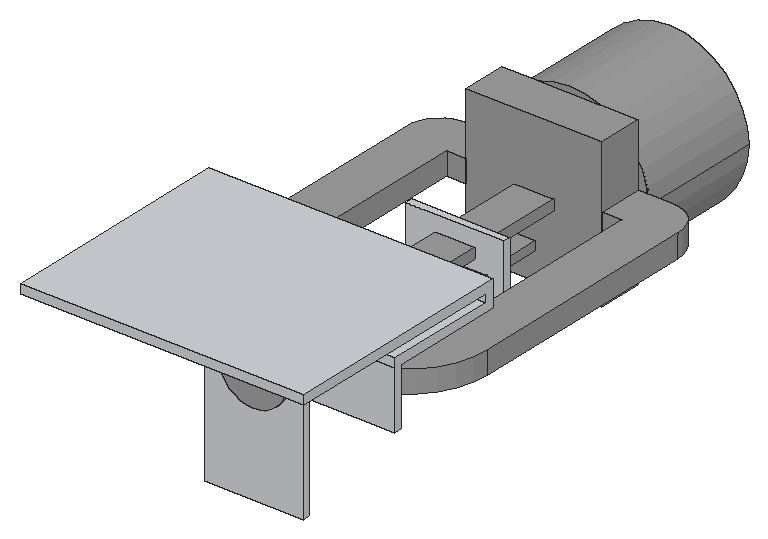
Revit family
Parameters (values of type "RASCO K RES 58 HSWX")
  Temperature Rating = 155 °F
  Response = (empty or 0)
  RASCO SIN # = "RA3593"
  RASCO Part # = "MVXYY3199"
  Pressure Rating = "175 PSI"
  Pressure Class = (empty or 0)
  Orifice Size = 1/2"
  Orifice = (empty or 0)
  Model = "K RES 58 HSWX"
  Manufacturer = "RASCO"
  K-Factor = 5.8
  Description = "Brz. Finish"
  Coverage = (empty or 0)
Reference planes (in)
  plane 1 "Center (Front/Back)": y = 0
  plane 2: z = 0
  plane 3 "Center (Left/Right)": x = 0
Dimensions and locks (in)
  aligned and locked: plane 2 to level
Nested families (in)
  nested 1: "RASCO- KRES 58 HSWX" at (-2.86469, 3.97584, 0), type "RASCO  KRES 58 HSWX"
Connectors (in)
  piping at (-2.87019, 5.41334, 1.4375), driven by "Orifice Size"
    settings: on nested 1, index 1, connector radius 1/2", flow factor 0, pipe flow 0 GPM, pressure drop 0.00 psi, fitting loss kfactor 0, connector angle 0.00°, fixture units 0, flow configuration 0, flow direction 0, fitting loss method 0, system type 7, connector reference index -1, connector utility 0, adjustable connector no, is connector primary yes, fitting loss table "", connector description ""
Definition of nested family "RASCO- KRES 58 HSWX"
  Parameters (values of type "RASCO  KRES 58 HSWX")
    Type Comments = ""
    Temperature Rating = 0 °F
    Response = (empty or 0)
    Pressure Rating = "0"
    Pressure Class = (empty or 0)
    Orifice Size = 0"
    Orifice = (empty or 0)
    Model = ""
    Manufacturer = ""
    K-Factor = 0
    Description = ""
    Coverage = (empty or 0)
    Assembly Code = ""
  Reference planes (in)
    plane 1 "Center (Front/Back)": y = 0
    plane 2: z = 0
    plane 3: x = -0.38065
    plane 4: x = 0.36935
    plane 5 "center": x = -0.00574
    plane 6: y = -1.38092
  Forms (in)
    Extrusion 1, solid, material "Default"
      sketch origin (-0.0055, 1.4375, 1.4375) x (-1, 0, 0) y (0, 0, -1)
        loop
          circle (0, 0) r 0.438
      from 0 to 0.6875
    Extrusion 2, solid, material "Default"
      sketch origin (0.11634, 0.75, 1.38573) x (-1, 0, 0) y (0, 0, -1)
        loop
          line (-0.2588, 0.356) -> (-0.2588, -0.4565) -> (0.4912, -0.4565) -> (0.4912, 0.356) -> (-0.2588, 0.356)
      from 0 to 0.25
    Extrusion 3, solid, material "Default"
      sketch origin (-0.0055, 1.4375, 1.4375) x (-1, 0, 0) y (0, -1, 0)
        loop
          line (-0.49248, 0.9375) -> (-0.49248, 2.10276)
          arc (-0.49248, 2.10276) -> (-0.40724, 2.30855) -> (-0.20145, 2.39379) r 0.29103
          line (-0.20145, 2.39379) -> (0.18108, 2.39379)
          arc (0.18108, 2.39379) -> (0.38905, 2.30765) -> (0.47519, 2.09969) r 0.29411
          line (0.47519, 2.09969) -> (0.47519, 0.9375) -> (0.36935, 0.9375) -> (0.36935, 0.6875) -> (0.55741, 0.6875)
          arc (0.55741, 0.6875) -> (0.69165, 0.7431) -> (0.74725, 0.87734) r 0.18984
          line (0.74725, 0.87734) -> (0.74725, 2.19113)
          arc (0.74725, 2.19113) -> (0.61669, 2.50631) -> (0.3015, 2.63687) r 0.44574
          line (0.3015, 2.63687) -> (-0.30719, 2.63687)
          arc (-0.30719, 2.63687) -> (-0.62225, 2.50637) -> (-0.75275, 2.19131) r 0.44556
          line (-0.75275, 2.19131) -> (-0.75275, 0.87876)
          arc (-0.75275, 0.87876) -> (-0.69673, 0.74352) -> (-0.56149, 0.6875) r 0.19126
          line (-0.56149, 0.6875) -> (-0.38065, 0.6875) -> (-0.38065, 0.9375) -> (-0.49248, 0.9375)
      from -0.06402 to 0.06098
    Extrusion 4, solid, material "Default"
      sketch origin (-0.00352, -1, 1.4375) x (1, 0, 0) y (0, 0, 1)
        loop
          circle (0.00574, -0.00152) r 0.1875
      from -0.04371 to 0.4375
    Extrusion 5, solid, material "Default"
      sketch origin (-0.0055, 0.5, 1.4375) x (1, 0, 0) y (0, 0, 1)
        loop
          line (-0.10175, -0.02852) -> (0.11324, -0.02852) -> (0.11324, 0.03101) -> (-0.10175, 0.03101) -> (-0.10175, -0.02852)
      from 0 to 1.45629
    Extrusion 6, solid, material "Default"
      sketch origin (0.00024, 1.51287, 1.447) x (0, 1, 0) y (0, 0, 1)
        loop
          line (-2.39379, 0.21198) -> (-2.39379, -0.229)
          arc (-2.39379, -0.229) -> (-2.26956, -0.41579) -> (-2.04926, -0.37342) r 0.20254
          arc (-2.04926, -0.37342) -> (-1.6599, -0.16721) -> (-1.22163, -0.12207) r 1.15319
          line (-1.22163, -0.12207) -> (-1.22163, -0.07087)
          arc (-1.22163, -0.07087) -> (-1.6782, -0.11947) -> (-2.0834, -0.33544) r 1.20419
          arc (-2.0834, -0.33544) -> (-2.24878, -0.36919) -> (-2.34279, -0.229) r 0.15154
          line (-2.34279, -0.229) -> (-2.34279, 0.21198) -> (-2.39379, 0.21198)
      from -0.17255 to 0.17398
    Extrusion 7, solid
      sketch origin (0, 0, 0) x (1, 0, 0) y (0, 0, 1)
        loop
          line (0.26945, 1.55487) -> (-0.27429, 1.55487) -> (-0.27429, 1.17086) -> (0.26945, 1.17086) -> (0.26945, 1.55487)
      from 0 to 0.04204
    Extrusion 8, solid
      sketch origin (-0.00574, -180, 2.39379) x (0, 0, -1) y (0, -1, 0)
        loop
          line (0.99957, -178.61227) -> (0.99957, -178.57366) -> (0.68139, -178.57366) -> (0.63139, -178.57366) -> (0.63139, -179.19862) -> (0.5882, -179.19862) -> (0.5882, -177.94684) -> (0.5382, -177.94684) -> (0.5382, -179.24862) -> (0.68139, -179.24862) -> (0.68139, -178.61227) -> (0.99957, -178.61227)
      from -0.78083 to 0.78419
    Extrusion 9, solid
      sketch origin (-0.00574, -180, 2.39379) x (0, 0, -1) y (0, -1, 0)
        loop
          line (0.97757, -178.61227) -> (1.60729, -178.61227) -> (1.60729, -178.57366) -> (0.97757, -178.57366) -> (0.97757, -178.61227)
      from -0.27519 to 0.26855
  Cuts and joins
    joined: Extrusion 1, Extrusion 2
